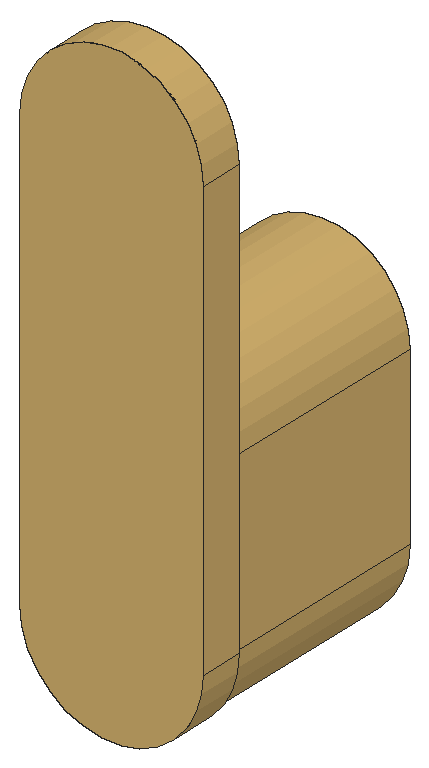
Revit family "RBA1631-500", category Plumbing Fixtures, Revit 2021
Family settings
  Round Connector Dimension = Use Diameter
  Part Type = Normal
  Work Plane-Based = No
  Always vertical = No
  Cut with Voids When Loaded = No
  Shared = Yes
  Room Calculation Point = No
Parameters
  Watermarked By = "www.rba.com.au"
  Waste Connection = yes
  Vent Connection = yes
  URL = ""
  Phone Number = ""
  Modified Issue = ""
  Model = "RBA1631-500"
  Materials and Finishes = Heavy Duty Brass, PVD Brushed Brass Finish
  Manufacturer Model = ""
  Manufacturer = "RBA Group"  # constant formula
  HW Connection = yes
  Description = "ōken Robe Hook | PVD Brushed Brass"
  Default Elevation = 0 mm
  Copyright by = "RBA Group"  # constant formula
  CW Connection = yes
Reference planes
  plane 1 "Center (Front/Back)": y = 0
  plane 2: z = 0
  plane 3 "Center (Left/Right)": x = 0
  plane 4: z = 71
  plane 5: z = 0.5
  plane 6: z = 40.5
Forms (mm)
  Extrusion 1, solid, material "Heavy Duty Brass, PVD Brushed Brass Finish" <- "Materials and Finishes"
    sketch origin (0, -30, 35.5) x (0, 0, 1) y (1, 0, 0)
      loop
        arc (25, -10.5) -> (35.5, 0) -> (25, 10.5) r 10.5
        line (25, 10.5) -> (-25, 10.5)
        arc (-25, 10.5) -> (-35.5, 0) -> (-25, -10.5) r 10.5
        line (-25, -10.5) -> (25, -10.5)
    from 0 to 5
  Extrusion 2, solid, material "Heavy Duty Brass, PVD Brushed Brass Finish" <- "Materials and Finishes"
    sketch origin (0, -30, 35.5) x (0, 0, 1) y (1, 0, 0)
      loop
        arc (-5, -10) -> (5, 0) -> (-5, 10) r 10
        line (-5, 10) -> (-25, 10)
        arc (-25, 10) -> (-35, 0) -> (-25, -10) r 10
        line (-25, -10) -> (-5, -10)
    from 5 to 30
Dimensions and locks
  aligned and locked: plane 2 to level
